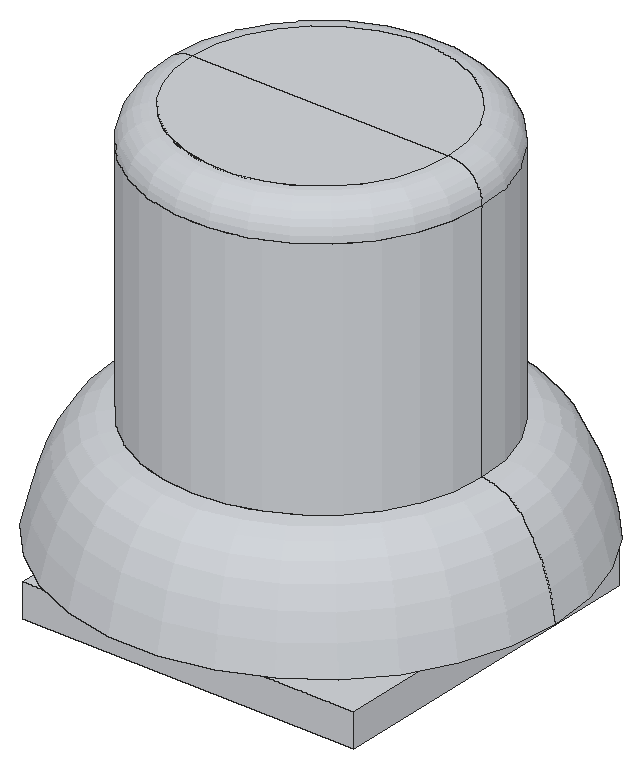
Revit family "5eba37abb3f8443f9a919a346f205a2c", category Mechanical Equipment, Revit 2021
Family settings
  Round Connector Dimension = Use Diameter
  Part Type = Normal
  OmniClass Number = 23.75.70.21.27.21
  OmniClass Title = Penthouse Ventilators
  Seek Item ID = Exhaust Ventilator - Downblast-0000-USA-ENU
  Work Plane-Based = No
  Always vertical = Yes
  Cut with Voids When Loaded = No
  Shared = No
  Room Calculation Point = No
Parameters (values of type "Standard")
  Default Elevation = 0' - 0"
  Connector = 15"
  Assembly Code = ""
Reference planes (in)
  plane 1 "Center (Front/Back)": y = 0
  plane 2: z = 0
  plane 3 "Center (Left/Right)": x = 0
Forms (in)
  Extrusion 1, solid
    sketch origin (0, 0, 0) x (1, 0, 0) y (0, 1, 0)
      loop
        line (-10, 10) -> (-10, -10) -> (10, -10) -> (10, 10) -> (-10, 10)
    from 0 to 2
  Revolve 2, solid
    sketch origin (0, 0, 0) x (1, 0, 0) y (0, 0, 1)
      loop
        line (0, 3.8125) -> (14.21875, 3.8125)
        spline (14.21875, 3.8125) -> (13.99414, 4.83185) -> (13.74266, 5.76257) -> (13.46431, 6.60464) -> (13.15909, 7.35808) -> (12.82699, 8.02287) -> (12.46803, 8.59903) -> (12.0822, 9.08654) -> (11.6695, 9.48542) -> (11.22993, 9.79566) -> (10.76349, 10.01726) -> (10.27018, 10.15022) -> (9.75, 10.19454)
        line (9.75, 10.19454) -> (9.75, 24.875)
        arc (9.75, 24.875) -> (9.16421, 26.28921) -> (7.75, 26.875) r 2
        line (7.75, 26.875) -> (0, 26.875) -> (0, 3.8125)
      axis (0, 26.875) -> (0, 3.8125)
    angle from 0 to 360
  Extrusion 3, solid
    sketch origin (0, 0, 0) x (1, 0, 0) y (0, 1, 0)
      loop
        line (-7.75, 7.75) -> (-7.75, -7.75) -> (7.75, -7.75) -> (7.75, 7.75) -> (-7.75, 7.75)
    from 2 to 3.8125
Dimensions and locks (in)
  aligned and locked: plane 3 "Center (Left/Right)" to Revolve 2 sketch curve
  aligned and locked: Revolve 2 sketch curve to plane 3 "Center (Left/Right)"
  aligned and locked: Revolve 2 sketch curve to Revolve 2 sketch curve
  aligned and locked: Revolve 2 to Extrusion 3
  aligned and locked: Extrusion 3 to Extrusion 1
Connectors (in)
  hvac at (0, 0, 0), driven by "Connector", driven by "Connector"
    settings: on Extrusion 1, index 0, duct flow 900 CFM, flow factor 0, pres drop 0.00 in-wg, loss coef 0, conn angle 0.00°, conn width 15", conn height 15", conn diameter 24", duct sys type 3, conn prof type 1, flow config 1, flow direction 1, loss method 0, conn ref index -1, conn util no, is conn primary yes, conn desc ""
